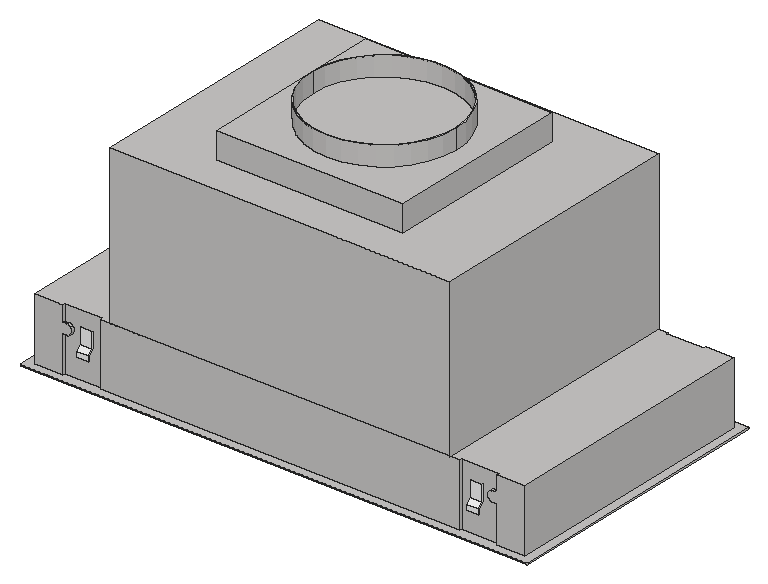
Revit family "FP_Revit_18_HPB9048-2_Rangehood_90000979B", category Specialty Equipment, Revit 2018
Family settings
  Round Connector Dimension = Use Diameter
  Part Type = Normal
  OmniClass Number = 23.40.40.00
  OmniClass Title = Food Service Equipment and Furnishings
  Work Plane-Based = No
  Always vertical = Yes
  Cut with Voids When Loaded = Yes
  Shared = No
  Room Calculation Point = No
Parameters
  Visibility - Duct Adaptor = yes
  Visibility - Clearance Required = yes
  URL = "www.fisherpaykel.com"
  Product - Width = 880 mm  # constant formula
  Product - Height = 462 mm  # constant formula
  Product - Depth = 480 mm  # constant formula
  Model = "HPB9048-2"
  Material - Glass = Fisher & Paykel - White Bezel
  Material - Body = Fisher & Paykel - Stainless Steel
  Manufacturer = "Fisher & Paykel Appliances"
  FFL Offset [instance] = 1550 mm
  Description = "90cm Integrated Insert Rangehood"
  Connector Description - Extraction = "250mm Outside diameter of ducting outlet, 1910m³/hr"
  Connector Description - Electrical = "230 V, 15 A, Fused electrical supply"
  Chassis - Width = 850 mm  # constant formula
  Chassis - Height = 380 mm  # constant formula
  Chassis - Depth = 452 mm  # constant formula
  Cavity - Width = 855 mm  # constant formula
  Cavity - Height = 435 mm  # constant formula
  Cavity - Depth = 455 mm  # constant formula
Reference planes
  plane 1 "Center (Front/Back)": y = 0
  plane 2: z = 0
  plane 3 "Center (Left/Right)": x = 0
  plane 4 "Product LHS": x = -440
  plane 5 "Product RHS": x = 440
  plane 6 "Product Front": y = -240
  plane 7 "Cavity LHS": x = -427.5
  plane 8 "Cavity RHS": x = 427.5
  plane 9 "Product Rear": y = 240
  plane 10 "Chassis LHS": x = -425
  plane 11 "Chassis RHS": x = 425
  plane 12 "Product - Height": z = 2009.5
  plane 13 "Chassis Front": y = -226
  plane 14 "Chassis Rear": y = 226
  plane 15 "Cavity Rear": y = 227.5
  plane 16 "Cavity Front": y = -227.5
  plane 17 "Cavity - Height": z = 1985
  plane 18 "FFL Offset": z = 1550
Forms (mm)
  Extrusion 1, solid, material "Fisher & Paykel - Stainless Steel" <- "Material - Body"
    sketch origin (0, 0, 0) x (1, 0, 0) y (0, 0, 1)
      loop
        line (-295, 1658.4) -> (295, 1658.4) -> (295, 1930) -> (-295, 1930) -> (-295, 1658.4)
    from -226 to 226
  Extrusion 2, solid, material "Fisher & Paykel - Clearance Required", visible <- "Visibility - Clearance Required", detail levels coarse
    sketch origin (0, 0, 0) x (1, 0, 0) y (0, 1, 0)
      loop
        line (-427.5, 227.5) -> (-427.5, -227.5) -> (427.5, -227.5) -> (427.5, 227.5) -> (-427.5, 227.5)
    from 1550 to 1985
  Extrusion 3, void
    sketch origin (0, 0, 0) x (1, 0, 0) y (0, 1, 0)
      loop
        line (-427.5, 227.5) -> (-427.5, -227.5) -> (427.5, -227.5) -> (427.5, 227.5) -> (-427.5, 227.5)
    from 1550 to 1985
  Extrusion 4, solid, material "Fisher & Paykel - Stainless Steel" <- "Material - Body", visible <- "Visibility - Duct Adaptor"
    sketch origin (0, 0, 0) x (1, 0, 0) y (0, 1, 0)
      loop
        line (-161.5, 161.5) -> (-161.5, -161.5) -> (161.5, -161.5) -> (161.5, 161.5) -> (-161.5, 161.5)
    from 1930 to 1975.6
  Extrusion 5, solid, material "Fisher & Paykel - Clearance Required", visible <- "Visibility - Clearance Required", detail levels coarse
    sketch origin (0, 0, 0) x (1, 0, 0) y (0, 1, 0)
      loop
        circle (0, 0) r 130
    from 1985 to 2009.5
  Extrusion 6, void
    sketch origin (0, 0, 0) x (1, 0, 0) y (0, 1, 0)
      loop
        circle (0, 0) r 130
    from 1985 to 2009.5
  Extrusion 7, solid, material "Fisher & Paykel - Stainless Steel" <- "Material - Body", visible <- "Visibility - Duct Adaptor"
    sketch origin (0, 0, 0) x (1, 0, 0) y (0, 1, 0)
      loop
        circle (0, 0) r 125
      loop
        circle (0, 0) r 124
    from 1975.6 to 2009.5
  Extrusion 8, solid, material "Fisher & Paykel - Stainless Steel" <- "Material - Body"
    sketch origin (0, 0, 0) x (1, 0, 0) y (0, 1, 0)
      loop
        circle (-82.5, 0) r 75
      loop
        circle (-82.5, 0) r 74
      loop
        circle (82.5, 0) r 75
      loop
        circle (82.5, 0) r 74
    from 1930 to 1954.5
Cuts and joins
  Extrusion 6 cuts Extrusion 2
Text (mm)
  text "Due to ongoing product development, product details are subject to change without notice. \nPlease always refer to www.fisherpaykel.com for the most current product information. \n© Fisher & Paykel 2020" at (41.04, -1225.549, 0), in view "Ref. Level (Plan)"
Dimensions and locks
  equal spacing: plane 4 "Product LHS", plane 3 "Center (Left/Right)", plane 5 "Product RHS"
  "Product - Width": plane 4 "Product LHS" to plane 5 "Product RHS"
  equal spacing: plane 7 "Cavity LHS", plane 3 "Center (Left/Right)", plane 8 "Cavity RHS"
  "Cavity - Width": plane 7 "Cavity LHS" to plane 8 "Cavity RHS"
  equal spacing: plane 9 "Product Rear", plane 1 "Center (Front/Back)", plane 6 "Product Front"
  "Product - Depth": plane 9 "Product Rear" to plane 6 "Product Front"
  equal spacing: plane 10 "Chassis LHS", plane 3 "Center (Left/Right)", plane 11 "Chassis RHS"
  "Chassis - Width": plane 10 "Chassis LHS" to plane 11 "Chassis RHS"
  equal spacing: plane 14 "Chassis Rear", plane 1 "Center (Front/Back)", plane 13 "Chassis Front"
  "Chassis - Depth": plane 14 "Chassis Rear" to plane 13 "Chassis Front"
  equal spacing: plane 15 "Cavity Rear", plane 1 "Center (Front/Back)", plane 16 "Cavity Front"
  "Cavity - Depth": plane 15 "Cavity Rear" to plane 16 "Cavity Front"
  plane 17 "Cavity - Height" to Extrusion 4 = 9.4 mm
  "FFL Offset": plane 18 "FFL Offset" to level
  locked: plane 18 "FFL Offset" to plane 12 "Product - Height" at 459.5
  "Chassis - Height": Extrusion 1 to plane 18 "FFL Offset"
  "Cavity - Height": plane 18 "FFL Offset" to plane 17 "Cavity - Height"
  locked: Extrusion 4 to plane 18 "FFL Offset" at 425.6
  locked: nested 1 to plane 18 "FFL Offset" at 108.4
  locked: plane 18 "FFL Offset" to Extrusion 1 at 108.4
  Extrusion 8 sketch curve to plane 3 "Center (Left/Right)" = 82.5 mm
  locked: Extrusion 8 to plane 18 "FFL Offset" at 404.5
  aligned and locked: level to plane 2
  aligned and locked: plane 14 "Chassis Rear" to Extrusion 1
  aligned and locked: Extrusion 1 to plane 13 "Chassis Front"
  aligned and locked: plane 8 "Cavity RHS" to Extrusion 2 sketch curve
  aligned and locked: plane 16 "Cavity Front" to Extrusion 2 sketch curve
  aligned and locked: Extrusion 2 sketch curve to plane 7 "Cavity LHS"
  aligned and locked: Extrusion 2 sketch curve to plane 15 "Cavity Rear"
  aligned and locked: Extrusion 7 to plane 12 "Product - Height"
  aligned and locked: Extrusion 4 to Extrusion 1
  aligned and locked: Extrusion 2 to plane 18 "FFL Offset"
  aligned and locked: Extrusion 5 to plane 12 "Product - Height"
  aligned and locked: plane 17 "Cavity - Height" to Extrusion 5
  aligned and locked: Extrusion 6 to plane 12 "Product - Height"
  aligned and locked: Extrusion 3 to cut or joined group of Extrusion 2, Extrusion 6
  aligned and locked: Extrusion 7 to Extrusion 4
  aligned and locked: Extrusion 8 to Extrusion 1
  aligned and locked: plane 17 "Cavity - Height" to Extrusion 6
  aligned and locked: Extrusion 2 to plane 17 "Cavity - Height"
  aligned and locked: Extrusion 3 to plane 17 "Cavity - Height"
Automatic sketch dimensions
  plane 1 "Center (Front/Back)" to Extrusion 5 sketch curve = 0 mm
  Extrusion 5 sketch curve to plane 3 "Center (Left/Right)" = 0 mm
  plane 1 "Center (Front/Back)" to Extrusion 6 sketch curve = 0 mm
  Extrusion 6 sketch curve to plane 3 "Center (Left/Right)" = 0 mm
  Extrusion 7 sketch curve to Extrusion 7 sketch curve = 0 mm  (x2)
  plane 1 "Center (Front/Back)" to Extrusion 7 sketch curve = 0 mm
  Extrusion 7 sketch curve to plane 3 "Center (Left/Right)" = 0 mm
  plane 17 "Cavity - Height" to Extrusion 1 sketch curve = 55 mm
  Extrusion 1 sketch curve to plane 11 "Chassis RHS" = 130 mm
  level to Extrusion 1 sketch curve = 1658.4 mm
  Extrusion 2 sketch curve to plane 8 "Cavity RHS" = 0 mm
  Extrusion 3 sketch curve to plane 7 "Cavity LHS" = 0 mm
  Extrusion 3 sketch curve to plane 8 "Cavity RHS" = 0 mm
  Extrusion 3 sketch curve to plane 16 "Cavity Front" = 0 mm
  Extrusion 3 sketch curve to plane 15 "Cavity Rear" = 0 mm
  plane 13 "Chassis Front" to Extrusion 4 sketch curve = 64.5 mm
  Extrusion 4 sketch curve to plane 3 "Center (Left/Right)" = 161.5 mm
  plane 3 "Center (Left/Right)" to Extrusion 4 sketch curve = 161.5 mm
  Extrusion 4 sketch curve to plane 14 "Chassis Rear" = 64.5 mm
  plane 10 "Chassis LHS" to Extrusion 1 sketch curve = 130 mm
  Extrusion 8 sketch curve to Extrusion 8 sketch curve = 0 mm  (x4)
  plane 1 "Center (Front/Back)" to Extrusion 8 sketch curve = 0 mm  (x2)
  plane 3 "Center (Left/Right)" to Extrusion 8 sketch curve = 82.5 mm
  radius of Extrusion 5 sketch curve = 130 mm
  radius of Extrusion 6 sketch curve = 130 mm
  radius of Extrusion 7 sketch curve = 125 mm
  radius of Extrusion 7 sketch curve = 124 mm
  radius of Extrusion 8 sketch curve = 75 mm  (x2)
  radius of Extrusion 8 sketch curve = 74 mm  (x2)
Nested families
  nested 1: "HPB9048-2" at (0, 0, 1550), type "HPB9048-2"
Connectors
  hvac at (0, 0, 2009.5), driven by "Connector Description - Extraction"
    settings: on Extrusion 7, index 4, duct flow 530.0 L/s, flow factor 0, pres drop 0.0 Pa, loss coef 0, conn angle 0.00°, conn width 304.8 mm, conn height 304.8 mm, conn diameter 250 mm, duct sys type 3, conn prof type 0, flow config 0, flow direction 2, loss method 0, conn ref index -1, conn util no, is conn primary yes, conn desc "250mm Outside diameter of ducting outlet, 1910m³/hr"
  electrical at (-402.71, 194, 1710), driven by "Connector Description - Electrical"
    settings: on nested 1, index 5, voltage 230 V, apparent load 0 VA, apparent load phase1 0 VA, apparent load phase2 0 VA, apparent load phase3 0 VA, power factor 1, load classification "Other", number of poles 1, system type 30, power factor state 1, is connector primary yes, connector utility no, sub classification motor no, connector description "230 V, 15 A, Fused electrical supply"
Definition of nested family "HPB9048-2"
  Parameters (values of type "HPB9048-2")
    URL = "www.fisherpaykel.com"
    Product - Width = 880 mm  # constant formula
    Product - Depth = 480 mm  # constant formula
    Model = "HPB 9048-2"
    Material - Glass = none
    Material - Body = none
    Manufacturer = ""
    Description = ""
    Chassis - Width = 850 mm  # constant formula
    Chassis - Depth = 452 mm  # constant formula
  Reference planes
    plane 1 "Center (Front/Back)": y = 0
    plane 2: z = 0
    plane 3 "Center (Left/Right)": x = 0
    plane 4 "Product LHS": x = -440
    plane 5 "Product RHS": x = 440
    plane 6 "Product Front": y = -240
    plane 7 "Product Rear": y = 240
    plane 8 "Chassis LHS": x = -425
    plane 9 "Chassis RHS": x = 425
    plane 10 "Chassis Front": y = -226
    plane 11 "Chassis Rear": y = 226
  Forms (mm)
    Extrusion 1, solid, material <- "Material - Body"
      sketch origin (0, 0, 0) x (1, 0, 0) y (0, 0, 1)
        loop
          line (-425, 0) -> (425, 0) -> (425, 108.4) -> (-425, 108.4) -> (-425, 0)
      from -226 to 226
    Extrusion 2, solid, material <- "Material - Body"
      sketch origin (0, 0, 0) x (1, 0, 0) y (0, 1, 0)
        loop
          line (437.5, 240) -> (-437.5, 240)
          arc (-437.5, 240) -> (-439.268, 239.268) -> (-440, 237.5) r 2.5
          line (-440, 237.5) -> (-440, -237.5)
          arc (-440, -237.5) -> (-439.268, -239.268) -> (-437.5, -240) r 2.5
          line (-437.5, -240) -> (437.5, -240)
          arc (437.5, -240) -> (439.268, -239.268) -> (440, -237.5) r 2.5
          line (440, -237.5) -> (440, 237.5)
          arc (440, 237.5) -> (439.268, 239.268) -> (437.5, 240) r 2.5
        loop
          line (420.5, 220) -> (-420.5, 220) -> (-420.5, -220) -> (420.5, -220) -> (420.5, 220)
      from -2.5 to 0
    Extrusion 3, void
      sketch origin (0, 0, 0) x (1, 0, 0) y (0, 0, 1)
        loop
          line (-376.17, 108.4) -> (-376.17, 81.59) -> (-369.42, 81.59)
          arc (-369.42, 81.59) -> (-360.42, 72.59) -> (-369.42, 63.59) r 9
          line (-369.42, 63.59) -> (-375.557, 63.59) -> (-375.557, 0) -> (-311.02, 0) -> (-311.02, 108.4) -> (-376.17, 108.4)
        loop
          line (376.17, 108.4) -> (311.02, 108.4) -> (311.02, 0) -> (375.557, 0) -> (375.557, 63.59) -> (369.42, 63.59)
          arc (369.42, 63.59) -> (360.42, 72.59) -> (369.42, 81.59) r 9
          line (369.42, 81.59) -> (376.17, 81.59) -> (376.17, 108.4)
      from 222 to 226
    Extrusion 4, void
      sketch origin (0, 0, 0) x (1, 0, 0) y (0, 0, -1)
        loop
          line (-376.17, -108.4) -> (-311.02, -108.4) -> (-311.02, 0) -> (-375.557, 0) -> (-375.557, -63.59) -> (-369.42, -63.59)
          arc (-369.42, -63.59) -> (-360.42, -72.59) -> (-369.42, -81.59) r 9
          line (-369.42, -81.59) -> (-376.17, -81.59) -> (-376.17, -108.4)
        loop
          line (376.17, -108.4) -> (376.17, -81.59) -> (369.42, -81.59)
          arc (369.42, -81.59) -> (360.42, -72.59) -> (369.42, -63.59) r 9
          line (369.42, -63.59) -> (375.557, -63.59) -> (375.557, 0) -> (311.02, 0) -> (311.02, -108.4) -> (376.17, -108.4)
      from 222 to 226
    Extrusion 5, solid, detail levels fine
      sketch origin (0, 0, 0) x (0, 1, 0) y (0, 0, 1)
        loop
          line (-231.082, 47.589) -> (-231.082, 39.32) -> (-229.882, 39.32) -> (-229.882, 47.095) -> (-222, 54.977) -> (-222, 82.186) -> (-223.2, 82.186) -> (-223.2, 55.471) -> (-231.082, 47.589)
      from -347.88 to -328
    Extrusion 6, void
      sketch origin (0, 0, 0) x (1, 0, 0) y (0, 0, 1)
        loop
          line (-420.5, -2.5) -> (420.5, -2.5) -> (420.5, 0) -> (377.9, 17.365) -> (-377.9, 17.365) -> (-420.5, 0) -> (-420.5, -2.5)
      from -220 to 220
    Extrusion 7, void
      sketch origin (0, 0, 0) x (0, 1, 0) y (0, 0, 1)
        loop
          line (220, 17.365) -> (206.782, 67.5) -> (-167.2, 67.5) -> (-167.2, 27) -> (-187.6, 27) -> (-187.6, 67.5) -> (-220, 67.5) -> (-220, 17.365) -> (220, 17.365)
      from -377.4 to 377.4
    Extrusion 8, solid, material <- "Material - Body", detail levels medium+fine
      sketch origin (0, 0, 0) x (1, 0, 0) y (0, 0, 1)
        loop
          line (351.267, 39.229) -> (325.673, 39.229) -> (325.673, 19.87) -> (351.267, 19.87) -> (351.267, 39.229)
        loop
          line (310.52, 39.229) -> (288.173, 39.229) -> (288.173, 19.87) -> (310.52, 19.87) -> (310.52, 39.229)
        loop
          line (276.267, 39.229) -> (250.673, 39.229) -> (250.673, 19.87) -> (276.267, 19.87) -> (276.267, 39.229)
        loop
          line (238.767, 39.229) -> (213.173, 39.229) -> (213.173, 19.87) -> (238.767, 19.87) -> (238.767, 39.229)
        loop
          line (201.267, 39.229) -> (175.673, 39.229) -> (175.673, 19.87) -> (201.267, 19.87) -> (201.267, 39.229)
        loop
          line (150.965, 39.229) -> (150.965, 19.87) -> (163.767, 19.87) -> (163.767, 39.229) -> (150.965, 39.229)
        loop
          line (150.585, 39.229) -> (137.793, 39.229) -> (137.793, 19.87) -> (150.585, 19.87) -> (150.585, 39.229)
        loop
          line (125.888, 39.229) -> (100.293, 39.229) -> (100.293, 19.87) -> (125.888, 19.87) -> (125.888, 39.229)
        loop
          line (88.388, 39.229) -> (62.793, 39.229) -> (62.793, 19.87) -> (88.388, 19.87) -> (88.388, 39.229)
        loop
          line (50.888, 39.229) -> (25.293, 39.229) -> (25.293, 19.87) -> (50.888, 19.87) -> (50.888, 39.229)
        loop
          line (12.797, 39.229) -> (-12.797, 39.229) -> (-12.797, 19.87) -> (12.797, 19.87) -> (12.797, 39.229)
        loop
          line (363.173, 39.229) -> (363.173, 19.87) -> (375.057, 19.87) -> (375.057, 39.229) -> (363.173, 39.229)
        loop
          line (-351.767, 39.229) -> (-351.767, 19.87) -> (-326.173, 19.87) -> (-326.173, 39.229) -> (-351.767, 39.229)
        loop
          line (-311.02, 39.229) -> (-311.02, 19.87) -> (-288.673, 19.87) -> (-288.673, 39.229) -> (-311.02, 39.229)
        loop
          line (-276.767, 39.229) -> (-276.767, 19.87) -> (-251.173, 19.87) -> (-251.173, 39.229) -> (-276.767, 39.229)
        loop
          line (-239.267, 39.229) -> (-239.267, 19.87) -> (-213.673, 19.87) -> (-213.673, 39.229) -> (-239.267, 39.229)
        loop
          line (-201.767, 39.229) -> (-201.767, 19.87) -> (-176.173, 19.87) -> (-176.173, 39.229) -> (-201.767, 39.229)
        loop
          line (-151.465, 39.229) -> (-164.267, 39.229) -> (-164.267, 19.87) -> (-151.465, 19.87) -> (-151.465, 39.229)
        loop
          line (-151.085, 39.229) -> (-151.085, 19.87) -> (-138.293, 19.87) -> (-138.293, 39.229) -> (-151.085, 39.229)
        loop
          line (-126.388, 39.229) -> (-126.388, 19.87) -> (-100.793, 19.87) -> (-100.793, 39.229) -> (-126.388, 39.229)
        loop
          line (-88.888, 39.229) -> (-88.888, 19.87) -> (-63.293, 19.87) -> (-63.293, 39.229) -> (-88.888, 39.229)
        loop
          line (-51.388, 39.229) -> (-51.388, 19.87) -> (-25.293, 19.87) -> (-25.293, 39.229) -> (-51.388, 39.229)
        loop
          line (-363.673, 39.229) -> (-375.557, 39.229) -> (-375.557, 19.87) -> (-363.673, 19.87) -> (-363.673, 39.229)
      from -198.187 to 167.2
    Extrusion 9, solid, material <- "Material - Body", detail levels medium+fine
      sketch origin (0, 0, 0) x (0, 1, 0) y (0, 0, 1)
        loop
          line (198.187, 39.229) -> (198.187, 19.333) -> (210.095, 16.053) -> (217.213, 19.87) -> (217.213, 25.663) -> (213.831, 39.229) -> (198.187, 39.229)
      from -375 to 375
    Extrusion 10, solid, material <- "Material - Body", detail levels fine
      sketch origin (0, 0, 0) x (1, 0, 0) y (0, 1, 0)
        loop
          circle (264.874, 94.908) r 6
        loop
          circle (0, 94.908) r 6
        loop
          circle (-264.874, 94.908) r 6
        loop
          circle (264.874, -99.995) r 6
        loop
          circle (0, -99.995) r 6
        loop
          circle (-264.874, -99.995) r 6
      from 13 to 19.87
    Extrusion 11, solid, detail levels fine
      sketch origin (0, 0, 0) x (0, 1, 0) y (0, 0, -1)
        loop
          line (-231.082, -47.589) -> (-223.2, -55.471) -> (-223.2, -82.186) -> (-222, -82.186) -> (-222, -54.977) -> (-229.882, -47.095) -> (-229.882, -39.32) -> (-231.082, -39.32) -> (-231.082, -47.589)
      from -347.88 to -328
    Extrusion 12, solid, detail levels fine
      sketch origin (0, 0, 0) x (0, -1, 0) y (0, 0, -1)
        loop
          line (-231.082, -47.589) -> (-223.2, -55.471) -> (-223.2, -82.186) -> (-222, -82.186) -> (-222, -54.977) -> (-229.882, -47.095) -> (-229.882, -39.32) -> (-231.082, -39.32) -> (-231.082, -47.589)
      from -347.88 to -328
    Extrusion 13, solid, detail levels fine
      sketch origin (0, 0, 0) x (0, -1, 0) y (0, 0, 1)
        loop
          line (-231.082, 47.589) -> (-231.082, 39.32) -> (-229.882, 39.32) -> (-229.882, 47.095) -> (-222, 54.977) -> (-222, 82.186) -> (-223.2, 82.186) -> (-223.2, 55.471) -> (-231.082, 47.589)
      from -347.88 to -328
    Extrusion 14, solid
      sketch origin (0, -2.4, 0) x (1, 0, 0) y (0, 1, 0)
        loop
          line (-398.206, 208.7) -> (-409.71, 208.7) -> (-409.71, 184.1) -> (-398.62, 184.1) -> (-393.21, 189.51) -> (-393.21, 203.704) -> (-398.206, 208.7)
      from 108.4 to 133.4
    Extrusion 15, solid
      sketch origin (0, -2.4, 0) x (1, 0, 0) y (0, 1, 0)
        loop
          circle (-402.71, 196.4) r 3
      from 133.4 to 160
    Extrusion 16, solid, material <- "Material - Glass", detail levels fine
      sketch origin (0, 0, 0) x (0, 1, 0) y (0, 0, 1)
        loop
          line (-220, 67.5) -> (-220, 27) -> (-187.6, 27) -> (-187.6, 67.5) -> (-220, 67.5)
      from -377.4 to 377.4
  Cuts and joins
    Extrusion 3, Extrusion 4, Extrusion 6, Extrusion 7 cuts Extrusion 1
    Extrusion 4 cuts Extrusion 2
  Text (mm)
    text "Due to ongoing product development, product details are subject to change without notice. \nPlease always refer to www.fisherpaykel.com for the most current product information. \n© Fisher & Paykel 2020" at (41.04, -1225.549, 0), in view "Ref. Level (Plan)"
  Dimensions and locks
    equal spacing: plane 4 "Product LHS", plane 3 "Center (Left/Right)", plane 5 "Product RHS"
    "Product - Width": plane 4 "Product LHS" to plane 5 "Product RHS"
    equal spacing: plane 7 "Product Rear", plane 1 "Center (Front/Back)", plane 6 "Product Front"
    "Product - Depth": plane 7 "Product Rear" to plane 6 "Product Front"
    equal spacing: plane 8 "Chassis LHS", plane 3 "Center (Left/Right)", plane 9 "Chassis RHS"
    "Chassis - Width": plane 8 "Chassis LHS" to plane 9 "Chassis RHS"
    Extrusion 8 to Extrusion 9 = 19.359 mm
    level to Extrusion 9 = 39.229 mm
    locked: level to cut or joined group of Extrusion 2, Extrusion 4 at 2.5
    cut or joined group of Extrusion 1, Extrusion 3, Extrusion 4, Extrusion 6, Extrusion 7 to level = 108.4 mm
    equal spacing: plane 11 "Chassis Rear", plane 1 "Center (Front/Back)", plane 10 "Chassis Front"
    "Chassis - Depth": plane 11 "Chassis Rear" to plane 10 "Chassis Front"
    plane 1 "Center (Front/Back)" to Extrusion 15 = 194 mm
    aligned and locked: level to plane 2
    aligned and locked: plane 8 "Chassis LHS" to Extrusion 1 sketch curve
    aligned and locked: Extrusion 1 sketch curve to plane 9 "Chassis RHS"
    aligned and locked: level to Extrusion 1 sketch curve
    aligned and locked: plane 7 "Product Rear" to Extrusion 2 sketch curve
    aligned and locked: plane 4 "Product LHS" to Extrusion 2 sketch curve
    aligned and locked: Extrusion 2 sketch curve to plane 6 "Product Front"
    aligned and locked: Extrusion 2 sketch curve to plane 5 "Product RHS"
    aligned and locked: Extrusion 10 to Extrusion 8
    aligned and locked: Extrusion 1 to Extrusion 4
    aligned and locked: Extrusion 1 to Extrusion 3
    aligned and locked: plane 11 "Chassis Rear" to Extrusion 1
    aligned and locked: Extrusion 1 to plane 10 "Chassis Front"
    aligned and locked: Extrusion 1 to plane 8 "Chassis LHS"
    aligned and locked: plane 9 "Chassis RHS" to Extrusion 1
  Automatic sketch dimensions
    Extrusion 3 sketch curve to level = 0 mm  (x2)
    plane 8 "Chassis LHS" to Extrusion 3 sketch curve = 48.83 mm
    plane 8 "Chassis LHS" to Extrusion 3 sketch curve = 49.443 mm
    Extrusion 3 sketch curve to Extrusion 3 sketch curve = 6.75 mm  (x2)
    Extrusion 3 sketch curve to Extrusion 3 sketch curve = 58.4 mm
    Extrusion 3 sketch curve to plane 9 "Chassis RHS" = 113.98 mm
    Extrusion 3 sketch curve to plane 9 "Chassis RHS" = 55.58 mm
    Extrusion 3 sketch curve to plane 9 "Chassis RHS" = 49.443 mm
    level to Extrusion 3 sketch curve = 63.59 mm  (x2)
    Extrusion 3 sketch curve to Extrusion 3 sketch curve = 9 mm  (x2)
    Extrusion 3 sketch curve to Extrusion 3 sketch curve = 26.81 mm  (x2)
    Extrusion 4 sketch curve to level = 0 mm  (x2)
    plane 8 "Chassis LHS" to Extrusion 4 sketch curve = 48.83 mm
    plane 8 "Chassis LHS" to Extrusion 4 sketch curve = 49.443 mm
    Extrusion 4 sketch curve to Extrusion 4 sketch curve = 6.75 mm  (x2)
    Extrusion 4 sketch curve to Extrusion 4 sketch curve = 58.4 mm
    Extrusion 4 sketch curve to plane 9 "Chassis RHS" = 113.98 mm
    Extrusion 4 sketch curve to plane 9 "Chassis RHS" = 55.58 mm
    Extrusion 4 sketch curve to plane 9 "Chassis RHS" = 49.443 mm
    level to Extrusion 4 sketch curve = 63.59 mm  (x2)
    Extrusion 4 sketch curve to Extrusion 4 sketch curve = 9 mm  (x2)
    Extrusion 4 sketch curve to Extrusion 4 sketch curve = 26.81 mm  (x2)
    Extrusion 5 sketch curve to Extrusion 5 sketch curve = 1.2 mm  (x2)
    plane 10 "Chassis Front" to Extrusion 5 sketch curve = 2.8 mm
    level to Extrusion 5 sketch curve = 39.32 mm
    Extrusion 5 sketch curve to Extrusion 5 sketch curve = 7.775 mm
    Extrusion 5 sketch curve to Extrusion 5 sketch curve = 0.494 mm  (x2)
    Extrusion 5 sketch curve to Extrusion 5 sketch curve = 7.882 mm
    Extrusion 5 sketch curve to Extrusion 5 sketch curve = 26.715 mm
    Extrusion 6 sketch curve to level = 0 mm  (x2)
    level to Extrusion 6 sketch curve = 17.365 mm
    plane 8 "Chassis LHS" to Extrusion 6 sketch curve = 47.1 mm
    plane 8 "Chassis LHS" to Extrusion 6 sketch curve = 4.5 mm
    Extrusion 6 sketch curve to level = 2.5 mm
    level to Extrusion 8 sketch curve = 19.87 mm  (x4)
    plane 8 "Chassis LHS" to Extrusion 8 sketch curve = 49.443 mm
    Extrusion 8 sketch curve to Extrusion 8 sketch curve = 11.884 mm  (x2)
    Extrusion 8 sketch curve to Extrusion 8 sketch curve = 11.905 mm  (x16)
    Extrusion 8 sketch curve to Extrusion 8 sketch curve = 25.595 mm  (x13)
    Extrusion 8 sketch curve to Extrusion 8 sketch curve = 15.153 mm  (x2)
    Extrusion 8 sketch curve to Extrusion 8 sketch curve = 22.347 mm  (x2)
    Extrusion 8 sketch curve to Extrusion 8 sketch curve = 12.802 mm  (x2)
    Extrusion 8 sketch curve to Extrusion 8 sketch curve = 0.38 mm  (x2)
    Extrusion 8 sketch curve to Extrusion 8 sketch curve = 12.792 mm  (x2)
    Extrusion 8 sketch curve to plane 3 "Center (Left/Right)" = 25.293 mm
    Extrusion 8 sketch curve to Extrusion 8 sketch curve = 12.496 mm  (x2)
    plane 3 "Center (Left/Right)" to Extrusion 8 sketch curve = 12.797 mm
    Extrusion 8 sketch curve to Extrusion 8 sketch curve = 0 mm  (x38)
    Extrusion 8 sketch curve to Extrusion 8 sketch curve = 19.359 mm  (x4)
    Extrusion 9 sketch curve to plane 11 "Chassis Rear" = 27.813 mm
    Extrusion 9 sketch curve to Extrusion 9 sketch curve = 11.908 mm
    Extrusion 9 sketch curve to plane 11 "Chassis Rear" = 12.169 mm
    Extrusion 9 sketch curve to plane 11 "Chassis Rear" = 8.787 mm
    level to Extrusion 9 sketch curve = 16.053 mm
    Extrusion 9 sketch curve to Extrusion 9 sketch curve = 3.28 mm
    Extrusion 9 sketch curve to Extrusion 9 sketch curve = 3.817 mm
    Extrusion 9 sketch curve to Extrusion 9 sketch curve = 5.794 mm
    Extrusion 9 sketch curve to Extrusion 9 sketch curve = 13.565 mm
    Extrusion 10 sketch curve to plane 3 "Center (Left/Right)" = 0 mm  (x2)
    plane 8 "Chassis LHS" to Extrusion 10 sketch curve = 160.126 mm  (x2)
    Extrusion 10 sketch curve to plane 9 "Chassis RHS" = 160.126 mm  (x2)
    plane 1 "Center (Front/Back)" to Extrusion 10 sketch curve = 99.995 mm  (x3)
    Extrusion 10 sketch curve to plane 1 "Center (Front/Back)" = 94.908 mm  (x3)
    Extrusion 11 sketch curve to Extrusion 11 sketch curve = 1.2 mm  (x2)
    plane 10 "Chassis Front" to Extrusion 11 sketch curve = 2.8 mm
    level to Extrusion 11 sketch curve = 82.186 mm
    Extrusion 11 sketch curve to Extrusion 11 sketch curve = 26.715 mm
    Extrusion 11 sketch curve to Extrusion 11 sketch curve = 0.494 mm  (x2)
    Extrusion 11 sketch curve to Extrusion 11 sketch curve = 7.882 mm
    Extrusion 11 sketch curve to Extrusion 11 sketch curve = 7.775 mm
    Extrusion 12 sketch curve to Extrusion 12 sketch curve = 1.2 mm  (x2)
    plane 11 "Chassis Rear" to Extrusion 12 sketch curve = 2.8 mm
    Extrusion 12 sketch curve to level = 39.32 mm
    Extrusion 12 sketch curve to Extrusion 12 sketch curve = 7.775 mm
    Extrusion 12 sketch curve to Extrusion 12 sketch curve = 0.494 mm  (x2)
    Extrusion 12 sketch curve to Extrusion 12 sketch curve = 7.882 mm
    Extrusion 12 sketch curve to Extrusion 12 sketch curve = 26.715 mm
    Extrusion 13 sketch curve to Extrusion 13 sketch curve = 1.2 mm  (x2)
    Extrusion 13 sketch curve to plane 11 "Chassis Rear" = 2.8 mm
    level to Extrusion 13 sketch curve = 39.32 mm
    Extrusion 13 sketch curve to Extrusion 13 sketch curve = 7.775 mm
    Extrusion 13 sketch curve to Extrusion 13 sketch curve = 0.494 mm  (x2)
    Extrusion 13 sketch curve to Extrusion 13 sketch curve = 7.882 mm
    Extrusion 13 sketch curve to Extrusion 13 sketch curve = 26.715 mm
    plane 8 "Chassis LHS" to Extrusion 14 sketch curve = 15.29 mm
    Extrusion 14 sketch curve to Extrusion 14 sketch curve = 11.09 mm
    Extrusion 14 sketch curve to Extrusion 14 sketch curve = 11.504 mm
    Extrusion 14 sketch curve to Extrusion 14 sketch curve = 4.996 mm  (x2)
    Extrusion 14 sketch curve to plane 11 "Chassis Rear" = 44.3 mm
    Extrusion 14 sketch curve to Extrusion 14 sketch curve = 5.41 mm
    Extrusion 14 sketch curve to Extrusion 14 sketch curve = 14.194 mm
    plane 8 "Chassis LHS" to Extrusion 15 sketch curve = 22.29 mm
    Extrusion 15 sketch curve to plane 11 "Chassis Rear" = 32 mm
    plane 10 "Chassis Front" to Extrusion 16 sketch curve = 6 mm
    Extrusion 16 sketch curve to Extrusion 16 sketch curve = 32.4 mm
    level to Extrusion 16 sketch curve = 27 mm
    Extrusion 16 sketch curve to Extrusion 16 sketch curve = 40.5 mm
    plane 10 "Chassis Front" to Extrusion 7 sketch curve = 6 mm
    Extrusion 7 sketch curve to Extrusion 7 sketch curve = 32.4 mm
    Extrusion 7 sketch curve to plane 11 "Chassis Rear" = 19.218 mm
    Extrusion 7 sketch curve to plane 11 "Chassis Rear" = 6 mm
    Extrusion 7 sketch curve to Extrusion 7 sketch curve = 0 mm
    Extrusion 7 sketch curve to Extrusion 7 sketch curve = 52.8 mm
    Extrusion 7 sketch curve to Extrusion 7 sketch curve = 9.635 mm
    level to Extrusion 7 sketch curve = 17.365 mm
    Extrusion 7 sketch curve to Extrusion 7 sketch curve = 50.135 mm
    Extrusion 6 sketch curve to plane 9 "Chassis RHS" = 47.1 mm
    Extrusion 6 sketch curve to plane 9 "Chassis RHS" = 4.5 mm
    Extrusion 2 sketch curve to plane 4 "Product LHS" = 2.5 mm  (x2)
    plane 8 "Chassis LHS" to Extrusion 2 sketch curve = 4.5 mm
    plane 9 "Chassis RHS" to Extrusion 2 sketch curve = 12.5 mm
    Extrusion 2 sketch curve to plane 9 "Chassis RHS" = 4.5 mm
    plane 5 "Product RHS" to Extrusion 2 sketch curve = 2.5 mm
    plane 10 "Chassis Front" to Extrusion 2 sketch curve = 6 mm
    Extrusion 2 sketch curve to plane 11 "Chassis Rear" = 6 mm
    level to Extrusion 1 sketch curve = 108.4 mm
    Extrusion 12 sketch curve to plane 11 "Chassis Rear" = 3.882 mm
    plane 11 "Chassis Rear" to Extrusion 13 sketch curve = 3.882 mm
    Extrusion 5 sketch curve to plane 10 "Chassis Front" = 3.882 mm
    Extrusion 11 sketch curve to plane 10 "Chassis Front" = 3.882 mm
    radius of Extrusion 10 sketch curve = 6 mm  (x6)
    radius of Extrusion 15 sketch curve = 3 mm
